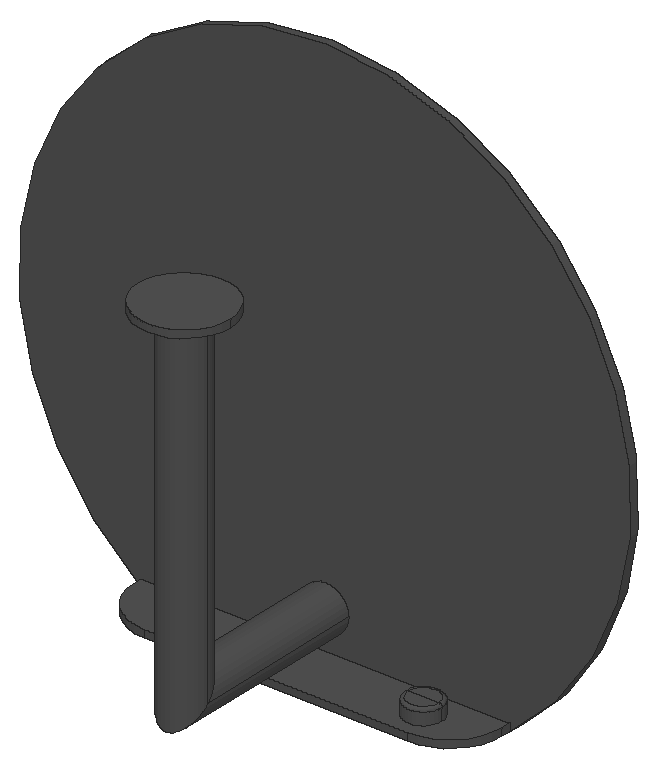
Revit family "CL60024-B_ROUND TOILET ROLL HOLDER WITH SHELF", category Specialty Equipment, host Face, Revit 2015
Parameters (values of type "ROUND TOILET ROLL HOLDER WITH SHELF BLACK")
  URL = "https://www.clark.com.au/"
  Model = "CL60024.B"
  Material_Base = GWA-Metal-Black
  Manufacturer = "GWA Bathrooms & Kitchens"  # constant formula
  Description = "ROUND TOILET ROLL HOLDER WITH SHELF BLACK"
  Default Elevation = 900 mm
  CreatedBy_ANZRS = "GWA Bathrooms & Kitchens"  # constant formula
  Assembly Code = "C1030200"
Types (4, lengths in mm): name | Model | Material_Base | Description
  (no name) | "CL60024.B" | GWA-Metal-Black | "ROUND TOILET ROLL HOLDER WITH SHELF BLACK"
  ROUND TOILET ROLL HOLDER WITH SHELF CHROME | "CL60024.C" | GWA_Metal-Chrome | "ROUND TOILET ROLL HOLDER WITH SHELF CHROME"
  ROUND TOILET ROLL HOLDER WITH SHELF BLACK | "CL60024.B" | GWA-Metal-Black | "ROUND TOILET ROLL HOLDER WITH SHELF BLACK"
  ROUND TOILET ROLL HOLDER WITH SHELF WHITE | "CL60024.W" | GWA-Metal-White | "ROUND TOILET ROLL HOLDER WITH SHELF WHITE"
Reference planes
  plane 1 "Center (Front/Back)": y = 0
  plane 2: z = 0
  plane 3 "Center (Left/Right)": x = 0
  plane 4 "Fixings": y = -10
Forms (mm)
  Extrusion 1, solid, material "GWA-Metal-Black" <- "Material_Base"
    sketch origin (0, 0, 0) x (1, 0, 0) y (0, 1, 0)
      loop
        line (-60, 0) -> (-60, -3)
        arc (-60, -3) -> (-55.021, -15.021) -> (-43, -20) r 17
        line (-43, -20) -> (43, -20)
        arc (43, -20) -> (55.021, -15.021) -> (60, -3) r 17
        line (60, -3) -> (60, 0) -> (-60, 0)
    from 0 to 2.5
  Extrusion 2, solid, material "GWA-Metal-Black" <- "Material_Base"
    sketch origin (0, -7.5, 0) x (1, 0, 0) y (0, 1, 0)
      loop
        circle (0, -50) r 15
    from 127.5 to 130
  Sweep 3, solid, material "GWA-Metal-Black" <- "Material_Base"
    path origin (0, 0, 0) x (0, 1, 0) y (0, 0, 1)
      loop
        line (0, 15) -> (-57.5, 15) -> (-57.5, 127.5)
    profile origin (0, -28.75, 15) x (0, 0, -1) y (1, 0, 0)
      loop
        circle (0, 0) r 7.5
  Extrusion 4, solid, material "GWA-Metal-Black" <- "Material_Base"
    sketch origin (0, 0, 0) x (1, 0, 0) y (0, 0, 1)
      loop
        arc (60, 0) -> (0, 180) -> (-60, 0) r 100
        line (-60, 0) -> (60, 0)
    from -2.5 to 0
  Revolve 5, solid, material "GWA-Metal-Black" <- "Material_Base"
    sketch origin (0, -10, 0) x (-1, 0, 0) y (0, 0, 1)
      loop
        line (40, 2.5) -> (40, 7.5) -> (35, 7.5)
        arc (35, 7.5) -> (34.293, 7.207) -> (34, 6.5) r 1
        line (34, 6.5) -> (34, 2.5) -> (40, 2.5)
      axis (40, 7.5) -> (40, 2.5)
    angle from 0 to 360
  Revolve 6, solid, material "GWA-Metal-Black" <- "Material_Base"
    sketch origin (0, -10, 0) x (1, 0, 0) y (0, 0, 1)
      loop
        line (40, 2.5) -> (40, 7.5) -> (35, 7.5)
        arc (35, 7.5) -> (34.293, 7.207) -> (34, 6.5) r 1
        line (34, 6.5) -> (34, 2.5) -> (40, 2.5)
      axis (40, 7.5) -> (40, 2.5)
    angle from 0 to 360
  Extrusion 7, void
    sketch origin (0, 0, 0) x (0, 1, 0) y (0, 0, 1)
      loop
        line (0.5, 0) -> (0.5, -2) -> (4.5, -2) -> (4.5, 2) -> (2.5, 2)
        arc (2.5, 2) -> (1.914, 0.586) -> (0.5, 0) r 2
    from -66.846 to 67.251
Cuts and joins
  Extrusion 7 cuts Extrusion 4
Lines and regions (mm)
  Masking region 1
    outline origin (0, 0, 0) x (1, 0, 0) y (0, 1, 0)
      loop
        line (100, 2.5) -> (-100, 2.5) -> (-100, 0) -> (-60, 0) -> (-60, -3)
        arc (-60, -3) -> (-55.021, -15.021) -> (-43, -20) r 17
        line (-43, -20) -> (-7.5, -20) -> (-7.5, -44.51)
        arc (-7.5, -44.51) -> (-12.99, -50) -> (-15, -57.5) r 15
        arc (-15, -57.5) -> (0, -72.5) -> (15, -57.5) r 15
        arc (15, -57.5) -> (12.99, -50) -> (7.5, -44.51) r 15
        line (7.5, -44.51) -> (7.5, -20) -> (43, -20)
        arc (43, -20) -> (55.021, -15.021) -> (60, -3) r 17
        line (60, -3) -> (60, 0) -> (100, 0) -> (100, 2.5)
  Masking region 2
    outline origin (0, 0, 0) x (1, 0, 0) y (0, 0, 1)
      loop
        arc (60, 0) -> (0, 180) -> (-60, 0) r 100
        line (-60, 0) -> (60, 0)
  Masking region 3
    outline origin (0, 0, 0) x (0, 1, 0) y (0, 0, 1)
      loop
        line (-42.5, 130) -> (-72.5, 130) -> (-72.5, 127.5) -> (-65, 127.5) -> (-65, 7.5) -> (-15, 7.5)
        arc (-15, 7.5) -> (-15.707, 7.207) -> (-16, 6.5) r 1
        line (-16, 6.5) -> (-16, 2.5) -> (-20, 2.5) -> (-20, 0) -> (0.51, 0)
        arc (0.51, 0) -> (1.917, 0.593) -> (2.5, 2) r 1.99
        line (2.5, 2) -> (2.5, 180) -> (0, 180) -> (0, 22.5) -> (-50, 22.5) -> (-50, 127.5) -> (-42.5, 127.5) -> (-42.5, 130)
      loop
        line (0, 2.5) -> (0, 7.5) -> (-5, 7.5)
        arc (-5, 7.5) -> (-4.293, 7.207) -> (-4, 6.5) r 1
        line (-4, 6.5) -> (-4, 2.5) -> (0, 2.5)
  symbolic lines
    curve 1: circle (-40, -10, 0) r 6 normal (0, 0, 1)
    curve 2: circle (40, -10, 0) r 6 normal (0, 0, 1)
    curve 3: line (-60, 0, 0) -> (60, 0, 0)
    curve 4: arc (-7.5, -44.51, 0) -> (0, -42.5, 0) -> (7.5, -44.51, 0) r 15
    curve 5: line (-7.5, -20, 0) -> (-7.5, 0, 0)
    curve 6: line (7.5, -20, 0) -> (7.5, 0, 0)
    curve 7: line (0, -50, 127.5) -> (0, -65, 127.5)
    curve 8: line (0, -5, 7.5) -> (0, -15, 7.5)
    curve 9: line (0, -4, 2.5) -> (0, -16, 2.5)
    curve 10: line (0, 0, 22.5) -> (0, 0, 7.5)
Dimensions and locks
  aligned and locked: plane 2 to host face
  aligned and locked: level to host face
